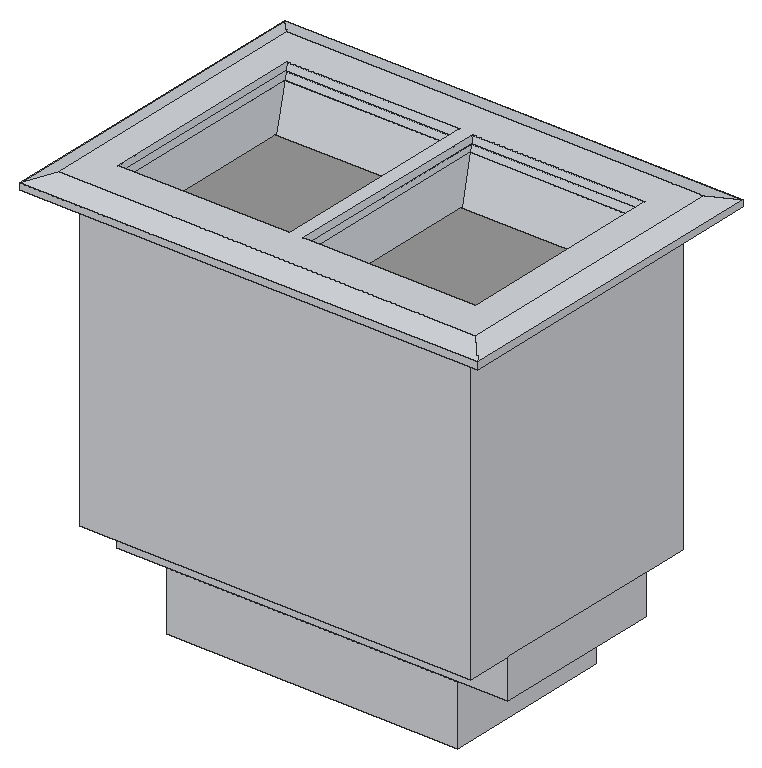
Revit family "2061354 Sylvania Lighting Fixture DOMINO 2xLED 940 BLACK NB TRIM BLACK DALI", category Lighting Fixtures, host Face, Revit 2018
Family settings
  Host = Face
  Round Connector Dimension = Use Diameter
  Part Type = Normal
  OmniClass Number = 23.80.70.00
  OmniClass Title = Lighting
  Cut with Voids When Loaded = No
  Light Source = Yes
  Shared = No
  Room Calculation Point = No
Parameters (values of type "2061354 DOMINO 2XLED 940 BLACK NB TR BLK DALI")
  top top length = 44 mm
  Width = 50 mm
  Weight = "n/a"
  Wattage Comments = ""
  Wattage = 9.2903 W
  WarrantyStartDate [instance] = "n/a"
  WarrantyGuarantorParts = "n/a"
  WarrantyDurationUnit = "n/a"
  WarrantyDurationParts = ""
  WarrantyDescription = "http://www.sylvania-lighting.com"
  built-in parameter 1150110 = 1 (stored number, unit not read)
  Voltage = 0 V
  URL = "0.96"
  TypeName = "DOMINO 2xLED 940 BLACK NB TRIM BLACK DALI"
  Type Image = <None>
  Type Comments = "n/a"
  built-in parameter 1114217 = 1 (stored number, unit not read)
  Top Width = 26 mm
  Tilt Angle = 90.00°
  built-in parameter 1150109 = 1 (stored number, unit not read)
  built-in parameter 1150134 = 3
  built-in parameter 1150113 = 1 (stored number, unit not read)
  SerialNumber [instance] = "n/a"
  Recessed Width = 43 mm
  Recessed Length = 63 mm
  Photometric Web File = "2061354.ies"
  Material_3_FEILO = none
  PowerFactor = 0
  PowerConsumption = "Lighting"
  NominalLength = 50 mm
  NominalHeight = 0 mm
  NominalDepth = 0 mm
  Name = "DOMINO 2xLED 940 BLACK NB TRIM BLACK DALI"
  ModelReference = Name  # "DOMINO 2xLED 940 BLACK NB TRIM BLACK DALI"
  ModelNumber = "2061354"
  Model = Name  # "DOMINO 2xLED 940 BLACK NB TRIM BLACK DALI"
  Material = "Feilo Sylvania"
  ManufacturerName = "59 lm/W"
  Manufacturer = ""
  LuminousEfficacy = ""
  built-in parameter 1150105 = 109.82 (stored number, unit not read)
  Lumens = 1380 lm
  LuminaireType = "0"
  built-in parameter 1150115 = 1 (stored number, unit not read)
  LightOutputRatio = "LED"
  built-in parameter 1150137 = (empty or 0)
  built-in parameter 1150139 = (empty or 0)
  Lens Width = 32 mm
  Lens = Glass, White, High Luminance
  Length = 69 mm
  LampsType = Lamp  # "n/a"
  LampNominalLuminous = "4000 K"
  LampMacAdamStep = "90"
  LampColourTemperature = "LED"
  LampColourRenderingIndex = "16500"
  built-in parameter 1150112 = 1 (stored number, unit not read)
  built-in parameter 1150114 = 1 (stored number, unit not read)
  Lamp = "n/a"
  Keynote = "n/a"
  InstallationDate [instance] = "n/a"
  InputVoltage = "0"
  InputNominalFrequency = "4000"
  built-in parameter 1150132 = (empty or 0)
  built-in parameter 1150102 = (empty or 0)
  built-in parameter 1150107 = 3200 (stored number, unit not read)
  built-in parameter 1150138 = (empty or 0)
  IngressProtection = "IfcLightFixtureType"
  ImpactProtectionIndex = "IfcLightFixtureType"
  built-in parameter 1150106 = 1.0982 (stored number, unit not read)
  IfcExportType = "IfcLightFixtureType"
  IfcExportAs = "Class II"
  Facia internal width = 37 mm
  Facia internal length = 56 mm
  Facia Height = 2 mm
  ExpectedLife = 50000
  Emit from Circle Diameter = 609.6 mm
  Emit Shape Visible in Rendering = no
  ElectricShockClassification = "59"
  built-in parameter 1150104 = 13.8 (stored number, unit not read)
  DurationUnit = "hours"
  DocumentationLiterature = "http://www.sylvania-lighting.com/product/en-int/products/2061354"
  DimmingControlOptions = "n/a"
  Material_2_FEILO = none
  Dimming Lamp Color Temperature Shift = <None>
  Description = "Modular LED recessed linear spotlight, ideal for retail and hospitality applications. Die-cast aluminium body, passive cooling. Two levels of reflector installation, low glaring UGR<16. 2x LED source, 15° beam angle , optics: PMMA lens and polycarbonate reflector combination, Black matt reflector finish. Light color temperature: 4000K neutral white, total system power: 6W , total fixture lumen output: 350lm, efficacy: 59 lm/W, Ra90 typical, LED chromacity: 3 step MacAdam ellipse (SDCM3), lifespan: 96,000 hours at 90% of the original output (L90B10), IR/UV free light source without heat radiation, operating voltage: 220-240V / 50-60Hz, electronic driver, ultra low flicker, DALI , electrical protection: Class II. Degree of Protection: IP40/IP20, suitable for indoor environment only. Ceiling cut-out: 43x43mm, outer dimensions:  70x50mm trim frame RAL 9005 - Jet black color.5 years Warranty."
  Default Elevation = 1219.2 mm
  CreatedOn = "10/02/2021"
  CreatedBy = "harvey.smart@sylvania-lighting.com"
  Cost = 0
  Color Filter = 16777215
  built-in parameter 1114216 [instance] = (empty or 0)
  ClassificationValue = "EF_70_80"
  ClassificationName = "Uniclass2015"
  Material_1_FEILO = none
  Body Width = 40 mm
  Body Length = 59 mm
  BarCode [instance] = "n/a"
  built-in parameter 1114218 = 1 (stored number, unit not read)
  built-in parameter 1150133 = 10 (stored number, unit not read)
  AssetType = "Fixed"
  AssetIdentifier [instance] = "n/a"
  Assembly Code = "D5020200"
  Apparent Load = 6 VA
  Material_4_FEILO = none
Reference planes
  plane 1 "Center (Front/Back)": y = 0
  plane 2: z = 0
  plane 3 "Center (Left/Right)": x = 0
  plane 4: z = 0
  plane 5: z = -7
  plane 6: z = -45.895
  plane 7: z = -51.895
  plane 8: z = -60.895
  plane 9: x = -31.5
  plane 10: x = 31.5
  plane 11: y = 21.5
  plane 12: y = -21.5
  plane 13: x = -34.5
  plane 14: x = 34.5
  plane 15: y = 25
  plane 16: y = -25
  plane 17: x = 28
  plane 18: x = -28
  plane 19: y = 18.5
  plane 20: y = -18.5
  plane 21: z = 2
  plane 22: x = -29.5
  plane 23: x = 29.5
  plane 24: y = 20
  plane 25: y = -20
  plane 26: y = 13
  plane 27: y = -13
  plane 28: x = 22
  plane 29: y = 16
  plane 30: y = -16
  plane 31: x = -27
  plane 32: x = -1
  plane 33: x = -26
  plane 34: x = -2
  plane 35: y = 12.5
  plane 36: y = -12.5
  plane 37: x = 27
  plane 38: x = 1
  plane 39: x = 2
  plane 40: x = 26.026
Forms (mm)
  Extrusion 1, solid, not visible, detail levels medium+fine
    sketch origin (4.2, 0, 0) x (1, 0, 0) y (0, 1, 0)
      loop
        line (-29.2, 34.5) -> (-29.2, -34.5) -> (20.8, -34.5) -> (20.8, 34.5) -> (-29.2, 34.5)
    from 0 to 1
  Extrusion 2, solid, not visible, detail levels medium+fine
    sketch origin (4.044, 0, 0) x (1, 0, 0) y (0, 1, 0)
      loop
        line (-29.2, 34.5) -> (-29.2, -34.5) -> (20.8, -34.5) -> (20.8, 34.5) -> (-29.2, 34.5)
    from 0 to 1
  Blend 3, solid, not visible, detail levels medium+fine
    base sketch origin (4.2, 0, 0) x (1, 0, 0) y (0, 1, 0)
      loop
        line (-29.2, 34.5) -> (-29.2, -34.5) -> (20.8, -34.5) -> (20.8, 34.5) -> (-29.2, 34.5)
    top sketch origin (4.2, 0, 0) x (1, 0, 0) y (0, 1, 0)
      loop
        line (-21.7, 28) -> (-21.7, -28) -> (13.3, -28) -> (13.3, 28) -> (-21.7, 28)
    from 1 to 3
  Extrusion 4, solid, not visible, detail levels medium+fine
    sketch origin (3.419, 0, 0) x (1, 0, 0) y (0, 1, 0)
      loop
        line (-29.2, 34.5) -> (-29.2, -34.5) -> (20.8, -34.5) -> (20.8, 34.5) -> (-29.2, 34.5)
    from 0 to 1
  Blend 5, solid, not visible, detail levels medium+fine
    base sketch origin (3.575, 0, 0) x (1, 0, 0) y (0, 1, 0)
      loop
        line (-29.2, 34.5) -> (-29.2, -34.5) -> (20.8, -34.5) -> (20.8, 34.5) -> (-29.2, 34.5)
    top sketch origin (3.575, 0, 0) x (1, 0, 0) y (0, 1, 0)
      loop
        line (-21.7, 28) -> (-21.7, -28) -> (13.3, -28) -> (13.3, 28) -> (-21.7, 28)
    from 1 to 3
  Extrusion 6, solid, not visible, detail levels medium+fine
    sketch origin (4.247, 0, 0) x (1, 0, 0) y (0, 1, 0)
      loop
        line (-29.2, 34.5) -> (-29.2, -34.5) -> (20.8, -34.5) -> (20.8, 34.5) -> (-29.2, 34.5)
    from 0 to 1
  Blend 7, solid, not visible, detail levels medium+fine
    base sketch origin (4.403, 0, 0) x (1, 0, 0) y (0, 1, 0)
      loop
        line (-29.2, 34.5) -> (-29.2, -34.5) -> (20.8, -34.5) -> (20.8, 34.5) -> (-29.2, 34.5)
    top sketch origin (4.403, 0, 0) x (1, 0, 0) y (0, 1, 0)
      loop
        line (-21.7, 28) -> (-21.7, -28) -> (13.3, -28) -> (13.3, 28) -> (-21.7, 28)
    from 1 to 3
  Extrusion 8, void, detail levels medium+fine
    sketch origin (4.2, 0, 0) x (0, 1, 0) y (1, 0, 0)
      loop
        line (21.5, -35.7) -> (21.5, 27.3) -> (-21.5, 27.3) -> (-21.5, -35.7) -> (21.5, -35.7)
    from -9.934 to 83.097
  Extrusion 9, solid, detail levels medium+fine
    sketch origin (4.2, 0, 0) x (1, 0, 0) y (0, 1, 0)
      loop
        line (-38.7, 25) -> (-38.7, -25) -> (30.3, -25) -> (30.3, 25) -> (-38.7, 25)
    from 0 to 1
  Blend 10, solid, detail levels medium+fine
    base sketch origin (4.2, 0, 0) x (1, 0, 0) y (0, 1, 0)
      loop
        line (-38.7, 25) -> (-38.7, -25) -> (30.3, -25) -> (30.3, 25) -> (-38.7, 25)
    top sketch origin (4.2, 0, 0) x (1, 0, 0) y (0, 1, 0)
      loop
        line (-35.7, 21.5) -> (-35.7, -21.5) -> (27.3, -21.5) -> (27.3, 21.5) -> (-35.7, 21.5)
    from 1 to 2
  Extrusion 11, solid, detail levels medium+fine
    sketch origin (4.2, 0, 0) x (1, 0, 0) y (0, 1, 0)
      loop
        line (-33.7, 20) -> (-33.7, -20) -> (25.3, -20) -> (25.3, 20) -> (-33.7, 20)
    from 0 to -45.895
  Extrusion 12, solid, detail levels medium+fine
    sketch origin (4.2, 0, 0) x (1, 0, 0) y (0, 1, 0)
      loop
        line (-33.7, 13) -> (-33.7, -13) -> (25.3, -13) -> (25.3, 13) -> (-33.7, 13)
    from -51.895 to -45.895
  Extrusion 13, solid, detail levels fine
    sketch origin (4.2, 0, 0) x (1, 0, 0) y (0, 1, 0)
      loop
        line (-26.2, 13) -> (-26.2, -13) -> (17.8, -13) -> (17.8, 13) -> (-26.2, 13)
    from -60.895 to -51.895
  Blend 14, void, detail levels medium+fine
    base sketch origin (4.2, 0, 0) x (0, 1, 0) y (-1, 0, 0)
      loop
        line (16, 31.2) -> (-16, 31.2) -> (-16, 5.2) -> (16, 5.2) -> (16, 31.2)
    top sketch origin (4.2, 0, 0) x (0, 1, 0) y (-1, 0, 0)
      loop
        line (12.5, 30.2) -> (-12.5, 30.2) -> (-12.5, 6.2) -> (12.5, 6.2) -> (12.5, 30.2)
    from 2 to -7
  Blend 15, void, detail levels medium+fine
    base sketch origin (4.2, 0, 0) x (0, 1, 0) y (-1, 0, 0)
      loop
        line (16, 3.2) -> (-16, 3.2) -> (-16, -22.8) -> (16, -22.8) -> (16, 3.2)
    top sketch origin (4.2, 0, 0) x (0, 1, 0) y (-1, 0, 0)
      loop
        line (12.5, 2.2) -> (-12.5, 2.2) -> (-12.5, -21.826) -> (12.5, -21.826) -> (12.5, 2.2)
    from 2 to -7
  Extrusion 16, solid, material "Glass, White, High Luminance" <- "Lens", detail levels fine
    sketch origin (0, 1219.2, 38) x (1, 0, 0) y (0, 1, 0)
      loop
        line (-26, -1206.7) -> (-26, -1231.7) -> (-2, -1231.7) -> (-2, -1206.7) -> (-26, -1206.7)
    from -45 to -44
  Extrusion 17, solid, material "Glass, White, High Luminance" <- "Lens", detail levels fine
    sketch origin (4.2, 0, 0) x (1, 0, 0) y (0, 1, 0)
      loop
        line (-2.2, 12.5) -> (-2.2, -12.5) -> (21.826, -12.5) -> (21.826, 12.5) -> (-2.2, 12.5)
    from -7 to -6
  Extrusion 18, solid, detail levels coarse
    sketch origin (0, 1219.2, 38) x (1, 0, 0) y (0, 1, 0)
      loop
        line (34.5, -1194.2) -> (-34.5, -1194.2) -> (-34.5, -1244.2) -> (34.5, -1244.2) -> (34.5, -1194.2)
    from -36 to -98.895
Cuts and joins
  Blend 14, Blend 15 cuts Extrusion 9
  Blend 14, Blend 15 cuts Blend 10
  Blend 14, Blend 15 cuts Extrusion 11
Dimensions and locks
  "Recessed Length": plane 9 to plane 10
  equal spacing: plane 9, plane 3 "Center (Left/Right)", plane 10
  "Length": plane 13 to plane 14
  equal spacing: plane 13, plane 3 "Center (Left/Right)", plane 14
  "Recessed Width": plane 11 to plane 12
  equal spacing: plane 11, plane 1 "Center (Front/Back)", plane 12
  "Width": plane 15 to plane 16
  equal spacing: plane 15, plane 1 "Center (Front/Back)", plane 16
  "Facia internal length": plane 18 to plane 17
  equal spacing: plane 18, plane 3 "Center (Left/Right)", plane 17
  "Facia internal width": plane 19 to plane 20
  equal spacing: plane 19, plane 1 "Center (Front/Back)", plane 20
  "Facia Height": plane 21 to host face
  "Body Length": plane 22 to plane 23
  equal spacing: plane 22, plane 3 "Center (Left/Right)", plane 23
  "Body Width": plane 24 to plane 25
  equal spacing: plane 24, plane 1 "Center (Front/Back)", plane 25
  "Top Width": plane 26 to plane 27
  equal spacing: plane 26, plane 1 "Center (Front/Back)", plane 27
  plane 3 "Center (Left/Right)" to plane 28 = 22 mm
  "Lens Width": plane 29 to plane 30
  equal spacing: plane 29, plane 1 "Center (Front/Back)", plane 30
  aligned and locked: plane 2 to host face
  aligned and locked: level to host face
  aligned and locked: plane 21 to Blend 10
  aligned and locked: Extrusion 9 to Blend 10
  aligned and locked: plane 7 to Extrusion 13
  aligned and locked: Extrusion 12 to plane 7
  aligned and locked: Extrusion 11 to plane 6
  aligned and locked: Blend 14 to plane 5
  aligned and locked: plane 21 to Blend 14
  aligned and locked: Blend 15 to plane 5
  aligned and locked: plane 21 to Blend 15
Automatic sketch dimensions
  host sketch curve to host sketch curve = 2438.4 mm  (x2)
  Extrusion 1 sketch curve to Extrusion 1 sketch curve = 50 mm
  Extrusion 1 sketch curve to Extrusion 1 sketch curve = 69 mm
  Extrusion 2 sketch curve to Extrusion 2 sketch curve = 50 mm
  Extrusion 2 sketch curve to Extrusion 2 sketch curve = 69 mm
  Blend 3 sketch curve to Blend 3 sketch curve = 50 mm
  Blend 3 sketch curve to Blend 3 sketch curve = 69 mm
  Blend 3 sketch curve to Blend 3 sketch curve = 35 mm
  Blend 3 sketch curve to Blend 3 sketch curve = 56 mm
  Extrusion 4 sketch curve to Extrusion 4 sketch curve = 50 mm
  Extrusion 4 sketch curve to Extrusion 4 sketch curve = 69 mm
  Blend 5 sketch curve to Blend 5 sketch curve = 50 mm
  Blend 5 sketch curve to Blend 5 sketch curve = 69 mm
  Blend 5 sketch curve to Blend 5 sketch curve = 35 mm
  Blend 5 sketch curve to Blend 5 sketch curve = 56 mm
  Extrusion 6 sketch curve to Extrusion 6 sketch curve = 50 mm
  Extrusion 6 sketch curve to Extrusion 6 sketch curve = 69 mm
  Blend 7 sketch curve to Blend 7 sketch curve = 50 mm
  Blend 7 sketch curve to Blend 7 sketch curve = 69 mm
  Blend 7 sketch curve to Blend 7 sketch curve = 35 mm
  Blend 7 sketch curve to Blend 7 sketch curve = 56 mm
  Extrusion 8 sketch curve to plane 9 = 0 mm
  Extrusion 8 sketch curve to plane 12 = 0 mm
  Extrusion 8 sketch curve to plane 11 = 0 mm
  Extrusion 8 sketch curve to plane 10 = 0 mm
  Extrusion 9 sketch curve to plane 13 = 0 mm
  Extrusion 9 sketch curve to plane 14 = 0 mm
  Extrusion 9 sketch curve to plane 16 = 0 mm
  Extrusion 9 sketch curve to plane 15 = 0 mm
  Blend 10 sketch curve to plane 13 = 0 mm
  Blend 10 sketch curve to plane 14 = 0 mm
  Blend 10 sketch curve to plane 16 = 0 mm
  Blend 10 sketch curve to plane 15 = 0 mm
  Blend 10 sketch curve to plane 9 = 0 mm
  Blend 10 sketch curve to plane 10 = 0 mm
  Blend 10 sketch curve to plane 12 = 0 mm
  Blend 10 sketch curve to plane 11 = 0 mm
  Extrusion 11 sketch curve to plane 22 = 0 mm
  Extrusion 11 sketch curve to plane 23 = 0 mm
  Extrusion 11 sketch curve to plane 25 = 0 mm
  Extrusion 11 sketch curve to plane 24 = 0 mm
  Extrusion 12 sketch curve to plane 22 = 0 mm
  Extrusion 12 sketch curve to plane 23 = 0 mm
  Extrusion 12 sketch curve to plane 27 = 0 mm
  Extrusion 12 sketch curve to plane 26 = 0 mm
  Extrusion 13 sketch curve to plane 27 = 0 mm
  Extrusion 13 sketch curve to plane 28 = 0 mm
  Extrusion 13 sketch curve to plane 26 = 0 mm
  plane 18 to Extrusion 13 sketch curve = 6 mm
  Blend 14 sketch curve to plane 30 = 0 mm
  Blend 14 sketch curve to plane 29 = 0 mm
  Blend 14 sketch curve to plane 32 = 0 mm
  Blend 14 sketch curve to plane 31 = 0 mm
  Blend 14 sketch curve to plane 33 = 0 mm
  Blend 14 sketch curve to plane 36 = 0 mm
  Blend 14 sketch curve to plane 35 = 0 mm
  Blend 14 sketch curve to plane 34 = 0 mm
  Blend 15 sketch curve to plane 30 = 0 mm
  Blend 15 sketch curve to plane 29 = 0 mm
  Blend 15 sketch curve to plane 37 = 0 mm
  Blend 15 sketch curve to plane 38 = 0 mm
  Blend 15 sketch curve to plane 36 = 0 mm
  Blend 15 sketch curve to plane 35 = 0 mm
  Blend 15 sketch curve to plane 40 = 0 mm
  Blend 15 sketch curve to plane 39 = 0 mm
  plane 31 to Extrusion 16 sketch curve = 1 mm
  Extrusion 16 sketch curve to plane 11 = 9 mm
  Extrusion 16 sketch curve to plane 34 = 0 mm
  plane 1 "Center (Front/Back)" to Extrusion 16 sketch curve = 12.5 mm
  Extrusion 17 sketch curve to plane 36 = 0 mm
  Extrusion 17 sketch curve to plane 39 = 0 mm
  Extrusion 17 sketch curve to plane 40 = 0 mm
  Extrusion 17 sketch curve to plane 35 = 0 mm
  Extrusion 18 sketch curve to plane 33 = 8.5 mm
  plane 14 to Extrusion 18 sketch curve = 0 mm
  plane 16 to Extrusion 18 sketch curve = 50 mm
  Extrusion 18 sketch curve to plane 36 = 12.5 mm
